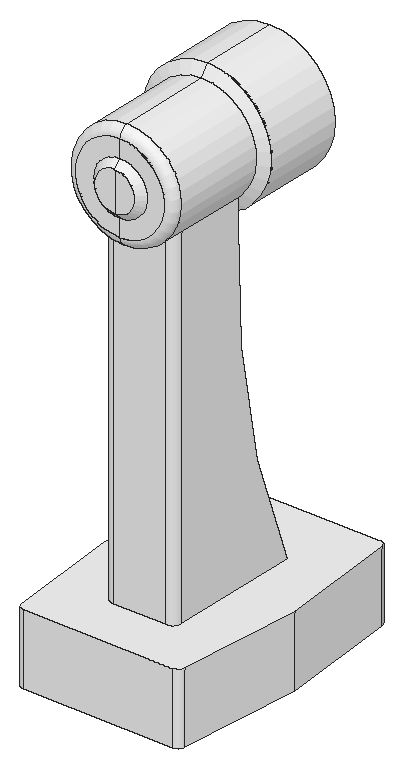
Revit family "DA-WM2050-IDIS", category Security Devices, host Face, Revit 2015
Parameters
  L3 = 15 mm
  L2 = 83 mm
  L1 = 41.5 mm
  Default Elevation = 1219.2 mm
Reference planes
  plane 1 "중심(앞/뒤)": y = 0
  plane 2: z = 0
  plane 3 "중심(왼쪽/오른쪽)": x = 0
  plane 4: x = 39.25
  plane 5: x = -39.25
  plane 6: y = -55.25
  plane 7: y = 55.25
  plane 8: x = -34.45
  plane 9: x = 34.05
  plane 10: y = 41.5
  plane 11: y = -41.5
  plane 12: x = -15
  plane 13: x = 15
  plane 14: z = 224
  plane 15: z = 169
  plane 16 "MR_X": z = 196.5
  plane 17 "BracketCon": y = 36.5
Forms (mm)
  Extrusion 1, solid, material "Metal - White - IDIS"
    sketch origin (0, 0, 0) x (1, 0, 0) y (0, 1, 0)
      loop
        line (-39.442, -2.21) -> (-34.706, -52.531)
        arc (-34.706, -52.531) -> (-33.739, -54.468) -> (-31.719, -55.25) r 3
        line (-31.719, -55.25) -> (31.699, -55.25)
        arc (31.699, -55.25) -> (33.727, -54.461) -> (34.688, -52.51) r 3
        line (34.688, -52.51) -> (39.25, 0) -> (34.306, 52.531)
        arc (34.306, 52.531) -> (33.339, 54.468) -> (31.319, 55.25) r 3
        line (31.319, 55.25) -> (-31.699, 55.25)
        arc (-31.699, 55.25) -> (-33.727, 54.461) -> (-34.688, 52.51) r 3
        line (-34.688, 52.51) -> (-39.442, -2.21)
    from 0 to 30
  Extrusion 2, solid, material "Metal - White - IDIS"
    sketch origin (0, 0, 0) x (1, 0, 0) y (0, 1, 0)
      loop
        arc (-11, 30.25) -> (-13.828, 29.078) -> (-15, 26.25) r 4
        line (-15, 26.25) -> (-15, -29.371)
        arc (-15, -29.371) -> (-13.828, -32.2) -> (-11, -33.371) r 4
        line (-11, -33.371) -> (11, -33.371)
        arc (11, -33.371) -> (13.828, -32.2) -> (15, -29.371) r 4
        line (15, -29.371) -> (15, 26.25)
        arc (15, 26.25) -> (13.828, 29.078) -> (11, 30.25) r 4
        line (11, 30.25) -> (-11, 30.25)
    from 30 to 195.569
  Extrusion 3, void
    sketch origin (0, 0, 0) x (0, 1, 0) y (0, 0, 1)
      loop
        line (26.266, 30) -> (41.5, 30) -> (41.5, 195.569) -> (0, 195.569) -> (0, 169)
        arc (0, 169) -> (5.122, 97.986) -> (26.266, 30) r 310.892
    from -24.62 to 30
  Revolve 4, solid, material "Metal - White - IDIS"
    sketch origin (0, 0, 0) x (0, 1, 0) y (0, 0, 1)
      loop
        line (-46.5, 196.5) -> (35.915, 196.5) -> (35.915, 224) -> (2.684, 224) -> (0, 219.351) -> (-39.577, 219.351)
        arc (-39.577, 219.351) -> (-42.405, 218.179) -> (-43.577, 215.351) r 4
        line (-43.577, 215.351) -> (-43.577, 207.903) -> (-46.5, 204.98) -> (-46.5, 196.5)
      axis (35.915, 196.5) -> (-46.5, 196.5)
    angle from 0 to 360
Cuts and joins
  Extrusion 3 cuts Extrusion 1
  Extrusion 3 cuts Extrusion 2
  joined: Extrusion 2, Revolve 4
Dimensions and locks
  equal spacing: plane 5, plane 3 "중심(왼쪽/오른쪽)", plane 4, locked at 39.25 each
  equal spacing: plane 6, plane 1 "중심(앞/뒤)", plane 7, locked at 55.25 each
  locked: plane 5 to plane 9 at 73.3
  locked: plane 7 to plane 6 at 110.5
  plane 5 to plane 8 = 4.8 mm
  plane 9 to plane 4 = 5.2 mm
  "L1": plane 1 "중심(앞/뒤)" to plane 10
  "L2": plane 10 to plane 11
  "L3": plane 12 to plane 3 "중심(왼쪽/오른쪽)"
  "L3": plane 3 "중심(왼쪽/오른쪽)" to plane 13
  plane 14 to plane 2 = 224 mm
  plane 14 to plane 16 "MR_X" = 27.5 mm
  plane 14 to host face = 224 mm
  aligned and locked: plane 2 to host face
  aligned and locked: level to host face
  aligned and locked: plane 16 "MR_X" to Revolve 4 sketch curve
Automatic sketch dimensions
  host sketch curve to host sketch curve = 2438.4 mm  (x2)
  Extrusion 1 sketch curve to plane 7 = 0 mm
  Extrusion 1 sketch curve to plane 6 = 0 mm
  plane 1 "중심(앞/뒤)" to Extrusion 1 sketch curve = 0 mm
  Extrusion 1 sketch curve to plane 4 = 0 mm
  plane 9 to Extrusion 1 sketch curve = 0.638 mm
  plane 9 to Extrusion 1 sketch curve = 0.256 mm
  Extrusion 1 sketch curve to plane 9 = 2.351 mm
  Extrusion 1 sketch curve to plane 9 = 2.731 mm
  plane 8 to Extrusion 1 sketch curve = 2.751 mm
  plane 8 to Extrusion 1 sketch curve = 2.731 mm
  Extrusion 1 sketch curve to plane 8 = 0.238 mm
  Extrusion 1 sketch curve to plane 8 = 0.256 mm
  Extrusion 1 sketch curve to plane 5 = 0.192 mm
  plane 6 to Extrusion 1 sketch curve = 2.719 mm
  Extrusion 1 sketch curve to Extrusion 1 sketch curve = 0.26 mm
  plane 1 "중심(앞/뒤)" to Extrusion 1 sketch curve = 2.21 mm
  Extrusion 1 sketch curve to Extrusion 1 sketch curve = 3 mm  (x2)
  Extrusion 2 sketch curve to plane 12 = 0 mm
  Extrusion 2 sketch curve to plane 13 = 0 mm
  plane 12 to Extrusion 2 sketch curve = 4 mm  (x2)
  Extrusion 2 sketch curve to plane 13 = 4 mm
  Extrusion 2 sketch curve to Extrusion 2 sketch curve = 4 mm
  plane 11 to Extrusion 2 sketch curve = 8.129 mm
  Extrusion 2 sketch curve to plane 10 = 15.25 mm
  Extrusion 3 sketch curve to plane 1 "중심(앞/뒤)" = 0 mm
  Extrusion 3 sketch curve to plane 10 = 0 mm
  Extrusion 3 sketch curve to plane 15 = 0 mm
  Extrusion 3 sketch curve to plane 14 = 28.431 mm
  Extrusion 3 sketch curve to plane 15 = 13.289 mm
  plane 7 to Extrusion 3 sketch curve = 255.358 mm
  Extrusion 3 sketch curve to Extrusion 3 sketch curve = 15.234 mm
  Revolve 4 sketch curve to plane 6 = 0 mm
  Revolve 4 sketch curve to plane 16 "MR_X" = 0 mm
  Revolve 4 sketch curve to plane 1 "중심(앞/뒤)" = 0 mm
  Revolve 4 sketch curve to plane 14 = 0 mm
  Revolve 4 sketch curve to plane 10 = 0 mm
  Revolve 4 sketch curve to plane 11 = 5 mm
  Revolve 4 sketch curve to plane 11 = 2.077 mm
  plane 11 to Revolve 4 sketch curve = 1.923 mm
  Revolve 4 sketch curve to plane 1 "중심(앞/뒤)" = 2.684 mm
  Revolve 4 sketch curve to plane 10 = 5.585 mm
  plane 16 "MR_X" to Revolve 4 sketch curve = 8.48 mm
  Revolve 4 sketch curve to Revolve 4 sketch curve = 2.923 mm
  Revolve 4 sketch curve to Revolve 4 sketch curve = 7.448 mm
